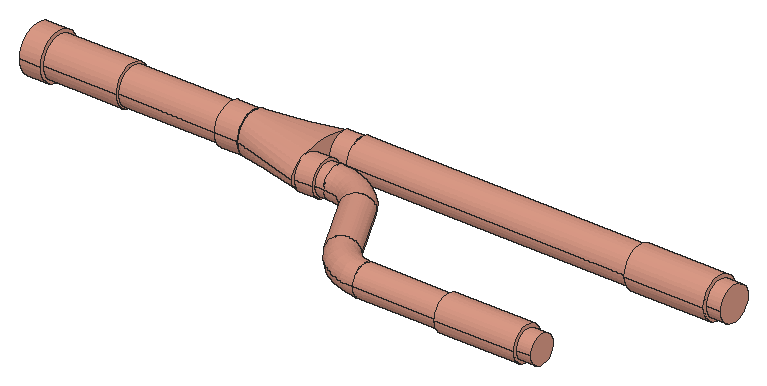
Revit family "outputfile", category 配管付属品, Revit 2024
Family settings
  丸型コネクタ寸法 = 半径を使用
  パーツ タイプ = 標準
  OmniClass 番号 = 23.65.55.00
  OmniClass タイトル = Distribution of Supplied Liquids/Gases
  作業面ベース = いいえ
  常に垂直 = はい
  ロード時にボイドで切り取り = いいえ
  共有 = いいえ
Parameters (values of type "BHRP26A33TA")
  製造元 = "Daikin"
  書き出し IFC クラス(タイプ) = "IfcPipeFittingType"
  既定の高さ = 0.0 mm
  定義済み IFC タイプ(タイプ) = "JUNCTION"
  モデル = "BHRP26A33TA"
  table_StraightPipe [instance] = if(mm⇔inch, "Refnet Joint_BHRP26A-TA_Gas_StraightPipe", "Refnet Joint_BHRP26A-TA_Gas_StraightPipe_inch")  # "Refnet Joint_BHRP26A-TA_Gas_StraightPipe"
  table_BranchPipe [instance] = if(mm⇔inch, "Refnet Joint_BHRP26A-TA_Gas_BranchPipe", "Refnet Joint_BHRP26A-TA_Gas_BranchPipe_inch")  # "Refnet Joint_BHRP26A-TA_Gas_BranchPipe"
  table_Inlet [instance] = if(mm⇔inch, "Refnet Joint_BHRP26A-TA_Gas_Inlet", "Refnet Joint_BHRP26A-TA_Gas_Inlet_inch")  # "Refnet Joint_BHRP26A-TA_Gas_Inlet"
  switch_StraightPipe_Reducer [instance] = if(Is_StraightPipe Reducer = 1, 1 = 1, 1 = 0)  # no
  switch_StraightPipe3 [instance] = if(number_StraightPipe = 3, 1 = 1, 1 = 0)  # no
  switch_StraightPipe2 [instance] = if(number_StraightPipe < 2, 1 = 0, 1 = 1)  # yes
  switch_BranchPipe_Reducer [instance] = if(Is_BranchPipe Reducer = 1, 1 = 1, 1 = 0)  # no
  switch_BranchPipe3 [instance] = if(number_BranchPipe = 3, 1 = 1, 1 = 0)  # no
  switch_BranchPipe2 [instance] = if(number_BranchPipe < 2, 1 = 0, 1 = 1)  # yes
  switch_Inlet pipe_Reducer [instance] = if(Is_Inlet Reducer = 1, 1 = 1, 1 = 0)  # no
  switch_Inlet pipe3 [instance] = if(number_InletPipe = 3, 1 = 1, 1 = 0)  # no
  switch_Inlet pipe2 [instance] = if(number_InletPipe < 2, 1 = 0, 1 = 1)  # yes
  mm⇔inch [instance] = yes
  l_OutletPipeSize [instance] = size_lookup(table_Inlet, "L_OutletPipeSize", 10.0 mm, モデル)  # 10.0 mm
  Uniclass2015Version = "Products v1.31"
  Uniclass2015Title = "Copper pipe fittings"
  Uniclass2015Code = "Pr_65_52_63_18"
  StraightPipe_Gas_ActualDiameter [instance] = 15.9 mm
  Material_Piping = DAIKIN_Copper_Pipe
  Material_Insulation = DAIKIN_White_Insulation
  lw_Insulation [instance] = size_lookup(table_Inlet, "lw_Insulation", 59.9 mm, モデル)  # 59.7 mm
  Unit Type = "BHRP26A-TA_Gas"
  Tag No. [instance] = ""
  StraightPipe_Gas_Status [instance] = size_lookup(table_StraightPipe, "Information", "The connected pipe size is not available.", モデル, StraightPipe_Gas_ActualDiameter)  # "Default connector size is used."
  Link_Nested Family [instance] = ""
  Inlet_Gas_Actual Diameter [instance] = 22.2 mm
  IfcVersion = ""
  IfcExportType = "JUNCTION"
  IfcExportAs = "IfcPipeFittingType"
  BranchPipe_Gas_Status [instance] = size_lookup(table_BranchPipe, "Information", "The connected pipe size is not available.", モデル, BranchPipe_Gas_ActualDiameter)  # "Default connector size is used."
  Inlet_Gas_Status [instance] = size_lookup(table_Inlet, "Information", "The connected pipe size is not available.", モデル, Inlet_Gas_Actual Diameter)  # "Default connector size is used."
  Series = "Refnet Joint"
  O.R_dividePipe_Inlet [instance] = (I.D_InletPipe1 + 2.0 mm) / 2  # 10.55 mm
  r_StraightPipe_Connector [instance] = StraightPipe_Gas_ActualDiameter / 2  # 7.95 mm
  r_BranchPipe_Connector [instance] = BranchPipe_Gas_ActualDiameter / 2  # 6.35 mm
  r_Inlet_Connector [instance] = Inlet_Gas_Actual Diameter / 2  # 11.1 mm
  number_StraightPipe [instance] = size_lookup(table_StraightPipe, "pipeNumber", 2, モデル, StraightPipe_Gas_ActualDiameter)  # 2
  number_BranchPipe [instance] = size_lookup(table_BranchPipe, "pipeNumber", 2, モデル, BranchPipe_Gas_ActualDiameter)  # 2
  number_InletPipe [instance] = size_lookup(table_Inlet, "pipeNumber", 3, モデル, Inlet_Gas_Actual Diameter)  # 2
  r_BranchPipeR [instance] = size_lookup(table_BranchPipe, "r_offsetPipeR", 25.0 mm, モデル, BranchPipe_Gas_ActualDiameter)  # 25.0 mm
  l_BranchPipe_Straight2 [instance] = size_lookup(table_BranchPipe, "L_offsetPipe2", 44.0 mm, モデル)  # 44.0 mm
  l_BranchPipe_Straight1 [instance] = size_lookup(table_BranchPipe, "L_offsetPipe1", 5.0 mm, モデル)  # 5.0 mm
  l_BranchPipe connector [instance] = size_lookup(table_BranchPipe, "Length", 170.0 mm, モデル, BranchPipe_Gas_ActualDiameter)  # 170.0 mm
  l_inlet connector [instance] = size_lookup(table_Inlet, "Length", 130.0 mm, モデル, Inlet_Gas_Actual Diameter)  # 114.0 mm
  l_dividePipe [instance] = size_lookup(table_Inlet, "L_devidePipe", 38.0 mm, モデル)  # 38.0 mm
  l_StraightPipeReducer [instance] = size_lookup(table_StraightPipe, "L_Reducer", 80.0 mm, モデル, StraightPipe_Gas_ActualDiameter)  # 100.0 mm
  l_StraightPipe3 [instance] = size_lookup(table_StraightPipe, "L_Pipe3", 2.0 mm, モデル)  # 2.0 mm
  l_StraightPipe2 [instance] = size_lookup(table_StraightPipe, "L_Pipe2", 9.0 mm, モデル)  # 8.0 mm
  l_StraightPipe1 [instance] = size_lookup(table_StraightPipe, "L_Pipe1", 40.0 mm, モデル)  # 42.0 mm
  l_StraightPipe0 [instance] = size_lookup(table_StraightPipe, "L_Pipe0", 153.0 mm, モデル)  # 148.0 mm
  l_StraightPipe connector [instance] = size_lookup(table_StraightPipe, "Length", 212.0 mm, モデル, StraightPipe_Gas_ActualDiameter)  # 208.0 mm
  l_BranchPipe Reducer [instance] = size_lookup(table_BranchPipe, "L_Reducer", 80.0 mm, モデル, BranchPipe_Gas_ActualDiameter)  # 80.0 mm
  l_BranchPipe3 [instance] = size_lookup(table_BranchPipe, "L_Pipe3", 2.0 mm, モデル)  # 2.0 mm
  l_BranchPipe2 [instance] = size_lookup(table_BranchPipe, "L_Pipe2", 9.0 mm, モデル)  # 8.0 mm
  l_BranchPipe1 [instance] = size_lookup(table_BranchPipe, "L_Pipe1", 40.0 mm, モデル)  # 42.0 mm
  l_BranchPipe0 [instance] = size_lookup(table_BranchPipe, "L_Pipe0", 111.0 mm, モデル)  # 110.0 mm
  l_InletReducer [instance] = size_lookup(table_Inlet, "L_Reducer", 100.0 mm, モデル, Inlet_Gas_Actual Diameter)  # 100.0 mm
  l_InletPipe3 [instance] = size_lookup(table_Inlet, "L_Pipe3", 9.0 mm, モデル)  # 2.0 mm
  l_InletPipe2 [instance] = size_lookup(table_Inlet, "L_Pipe2", 42.0 mm, モデル)  # 11.0 mm
  l_InletPipe1 [instance] = size_lookup(table_Inlet, "L_Pipe1", 38.0 mm, モデル)  # 39.0 mm
  l_InletPipe0 [instance] = size_lookup(table_Inlet, "L_Pipe0", 29.0 mm, モデル)  # 52.0 mm
  center_StraightPipe [instance] = size_lookup(table_StraightPipe, "center_Pipe", 11.5 mm, モデル)  # 11.5 mm
  center_BranchPipe2 [instance] = size_lookup(table_BranchPipe, "center_OffsetPipe", 68.5 mm, モデル)  # 68.5 mm
  center_BranchPipe1 [instance] = size_lookup(table_BranchPipe, "center_Pipe", 11.5 mm, モデル)  # 11.5 mm
  StraightPipe_Gas_AvailableDiameter [instance] = size_lookup(table_StraightPipe, "sizeVariation", "", モデル)  # "15.9/19.1/22.2mm"
  BranchPipe_Gas_AvailableDiameter [instance] = size_lookup(table_BranchPipe, "sizeVariation", "", モデル)  # "12.7/15.9/19.1mm"
  Inlet_Gas_Available Diameter [instance] = size_lookup(table_Inlet, "sizeVariation", "", モデル)  # "19.1/22.2mm"
  O.D_StraightPipe Reducer [instance] = size_lookup(table_StraightPipe, "O.D_reducer", 2.0 mm, モデル, StraightPipe_Gas_ActualDiameter)  # 2.0 mm
  O.D_Offset Outlet Reducer [instance] = size_lookup(table_BranchPipe, "O.D_reducer", 2.0 mm, モデル, BranchPipe_Gas_ActualDiameter)  # 2.0 mm
  O.D_Inlet Reducer [instance] = size_lookup(table_Inlet, "O.D_reducer", 2.0 mm, モデル, Inlet_Gas_Actual Diameter)  # 2.0 mm
  Is_StraightPipe Reducer [instance] = size_lookup(table_StraightPipe, "IsReducer", 0, モデル, StraightPipe_Gas_ActualDiameter)  # 0
  Is_BranchPipe Reducer [instance] = size_lookup(table_BranchPipe, "IsReducer", 0, モデル, BranchPipe_Gas_ActualDiameter)  # 0
  Is_Inlet Reducer [instance] = size_lookup(table_Inlet, "IsReducer", 0, モデル, Inlet_Gas_Actual Diameter)  # 0
  BranchPipe_Gas_ActualDiameter [instance] = 12.7 mm
  Attach_Insulation [instance] = no
  I.D_StraightPipe3 [instance] = size_lookup(table_StraightPipe, "I.D_PipeSize3", 2.0 mm, モデル)  # 2.0 mm
  I.D_StraightPipe2 [instance] = size_lookup(table_StraightPipe, "I.D_PipeSize2", 12.7 mm, モデル)  # 15.9 mm
  I.D_StraightPipe1 [instance] = size_lookup(table_StraightPipe, "I.D_PipeSize1", 15.9 mm, モデル)  # 19.1 mm
  I.D_StraightPipe0 [instance] = size_lookup(table_StraightPipe, "I.D_PipeSize0", 13.9 mm, モデル)  # 17.1 mm
  I.D_BranchPipe3 [instance] = size_lookup(table_BranchPipe, "I.D_PipeSize3", 2.0 mm, モデル)  # 2.0 mm
  I.D_BranchPipe2 [instance] = size_lookup(table_BranchPipe, "I.D_PipeSize2", 12.7 mm, モデル)  # 12.7 mm
  I.D_BranchPipe1 [instance] = size_lookup(table_BranchPipe, "I.D_PipeSize1", 15.9 mm, モデル)  # 15.9 mm
  I.D_BranchPipe0 [instance] = size_lookup(table_BranchPipe, "I.D_PipeSize0", 13.9 mm, モデル)  # 13.9 mm
  I.D_Straight Reducer [instance] = size_lookup(table_StraightPipe, "I.D_reducer", 2.0 mm, モデル, StraightPipe_Gas_ActualDiameter)  # 2.0 mm
  I.D_OutletPipe [instance] = size_lookup(table_Inlet, "I.D_OutletPipeSize", 16.0 mm, モデル, Inlet_Gas_Actual Diameter)  # 16.0 mm
  I.D_Branch Reducer [instance] = size_lookup(table_BranchPipe, "I.D_reducer", 2.0 mm, モデル, BranchPipe_Gas_ActualDiameter)  # 2.0 mm
  I.D_Inlet Reducer [instance] = size_lookup(table_Inlet, "I.D_reducer", 2.0 mm, モデル, Inlet_Gas_Actual Diameter)  # 2.0 mm
  I.D_InletPipe3 [instance] = size_lookup(table_Inlet, "I.D_PipeSize3", 12.7 mm, モデル)  # 2.0 mm
  I.D_InletPipe2 [instance] = size_lookup(table_Inlet, "I.D_PipeSize2", 15.9 mm, モデル)  # 22.2 mm
  I.D_InletPipe1 [instance] = size_lookup(table_Inlet, "I.D_PipeSize1", 19.1 mm, モデル)  # 19.1 mm
  I.D_InletPipe0 [instance] = size_lookup(table_Inlet, "I.D_PipeSize0", 17.1 mm, モデル)  # 17.1 mm
Reference planes
  plane 1 "Center (Front/Back)": y = 0
  plane 2: z = 0
  plane 3 "base_left": x = 0
  plane 4: x = 2
  plane 5: x = 13
  plane 6: x = 52
  plane 7: x = 104
  plane 8: x = 116
  plane 9: x = 154
  plane 10: x = 164
  plane 11 "center_straight outlet": y = 11.5
  plane 12 "center2_offset outlet": y = -68.5
  plane 13 "center1_offset outlet": y = -11.5
  plane 14: x = 312
  plane 15: x = 354
  plane 16: x = 362
  plane 17: x = 274
  plane 18: x = 316
  plane 19: x = 324
  plane 20: x = 364
  plane 21: x = 326
  plane 22 "Reducer_straightoutlet": x = 324
  plane 23: x = 362
  plane 24: y = -22.05
  plane 25: z = 10.55
  plane 26 "Inlet_connector": x = 2
  plane 27 "Left_Insulation": x = 56.3
Forms (mm)
  SweptBlend 1, solid, material "DAIKIN_Copper_Pipe" <- "Material_Piping"
    path origin (0, 0, 0) x (1, 0, 0) y (0, 1, 0)
      loop
        line (116, 0) -> (154, 0)
    profile origin (116, 0, 0) x (0, 1, 0) y (0, 0, 1)
      loop
        circle (0, 0) r 10.55
    end profile origin (154, 0, 0) x (0, 1, 0) y (0, 0, 1)
      loop
        spline (-22.05, 0) -> (-21.299, -2.731) -> (-19.096, -5.275) -> (-15.592, -7.46) -> (-11.025, -9.137) -> (-5.707, -10.191) -> (0, -10.55) -> (5.707, -10.191) -> (11.025, -9.137) -> (15.592, -7.46) -> (19.096, -5.275) -> (21.299, -2.731) -> (22.05, 0)
        spline (22.05, 0) -> (21.299, 2.731) -> (19.096, 5.275) -> (15.592, 7.46) -> (11.025, 9.137) -> (5.707, 10.191) -> (0, 10.55) -> (-5.707, 10.191) -> (-11.025, 9.137) -> (-15.592, 7.46) -> (-19.096, 5.275) -> (-21.299, 2.731) -> (-22.05, 0)
Dimensions and locks
  "l_InletPipe3": plane 3 "base_left" to plane 4
  "l_InletPipe2": plane 4 to plane 5
  "l_InletPipe1": plane 5 to plane 6
  "l_InletPipe0": plane 6 to plane 7
  plane 7 to plane 8 = 12.0 mm
  "center_StraightPipe": plane 1 "Center (Front/Back)" to plane 11 "center_straight outlet"
  "center_BranchPipe2": plane 12 "center2_offset outlet" to plane 1 "Center (Front/Back)"
  "center_BranchPipe1": plane 13 "center1_offset outlet" to plane 1 "Center (Front/Back)"
  "l_dividePipe": plane 8 to plane 9
  "l_OutletPipeSize": plane 9 to plane 10
  "l_StraightPipe0": plane 10 to plane 14
  "l_BranchPipe0": plane 10 to plane 17
  "l_BranchPipe1": plane 17 to plane 18
  "l_BranchPipe2": plane 18 to plane 19
  "l_StraightPipe1": plane 14 to plane 15
  "l_StraightPipe2": plane 15 to plane 16
  "l_StraightPipe3": plane 16 to plane 20
  "l_BranchPipe3": plane 19 to plane 21
  "l_BranchPipe connector": plane 9 to plane 22 "Reducer_straightoutlet"
  "l_StraightPipe connector": plane 9 to plane 23
  "O.R_dividePipe_Inlet": plane 24 to plane 13 "center1_offset outlet"
  "O.R_dividePipe_Inlet": plane 25 to plane 2
  "l_inlet connector": plane 26 "Inlet_connector" to plane 8
  "lw_Insulation": plane 27 "Left_Insulation" to plane 8
  "O.R_dividePipe_Inlet": radius of SweptBlend 1 sketch curve
  aligned and locked: level to plane 2
  aligned and locked: plane 2 to nested 1
  aligned and locked: plane 3 "base_left" to nested 1
  aligned and locked: plane 1 "Center (Front/Back)" to nested 1
  aligned and locked: plane 4 to nested 2
  aligned and locked: plane 1 "Center (Front/Back)" to nested 2
  aligned and locked: plane 5 to nested 2
  aligned and locked: plane 5 to nested 3
  aligned and locked: plane 6 to nested 3
  aligned and locked: plane 6 to nested 4
  aligned and locked: nested 4 to plane 7
  aligned and locked: nested 5 to plane 7
  aligned and locked: nested 5 to plane 8
  aligned and locked: plane 8 to SweptBlend 1 sketch curve
  aligned and locked: plane 9 to SweptBlend 1 sketch curve
  aligned and locked: plane 2 to SweptBlend 1 sketch curve  (x2)
  aligned and locked: plane 1 "Center (Front/Back)" to SweptBlend 1 sketch curve  (x2)
  aligned and locked: nested 6 to plane 9
  aligned and locked: nested 7 to plane 9
  aligned and locked: nested 6 to plane 11 "center_straight outlet"
  aligned and locked: nested 7 to plane 13 "center1_offset outlet"
  aligned and locked: nested 7 to plane 10
  aligned and locked: nested 6 to plane 10
  aligned and locked: nested 8 to plane 10
  aligned and locked: plane 14 to nested 8
  aligned and locked: nested 8 to plane 11 "center_straight outlet"
  aligned and locked: plane 14 to nested 9
  aligned and locked: nested 9 to plane 11 "center_straight outlet"
  aligned and locked: plane 15 to nested 9
  aligned and locked: nested 10 to plane 11 "center_straight outlet"
  aligned and locked: plane 15 to nested 10
  aligned and locked: plane 16 to nested 10
  aligned and locked: nested 11 to plane 12 "center2_offset outlet"
  aligned and locked: plane 17 to nested 11
  aligned and locked: plane 18 to nested 11
  aligned and locked: nested 12 to plane 12 "center2_offset outlet"
  aligned and locked: plane 18 to nested 12
  aligned and locked: plane 19 to nested 12
  aligned and locked: nested 13 to plane 10
  aligned and locked: nested 13 to plane 13 "center1_offset outlet"
  aligned and locked: nested 13 to plane 12 "center2_offset outlet"
  aligned and locked: plane 8 to nested 14
  aligned and locked: plane 1 "Center (Front/Back)" to nested 14
  aligned and locked: plane 11 "center_straight outlet" to nested 15
  aligned and locked: nested 15 to plane 9
  aligned and locked: nested 16 to plane 9
  aligned and locked: plane 12 "center2_offset outlet" to nested 16
  aligned and locked: nested 17 to plane 1 "Center (Front/Back)"
  aligned and locked: plane 16 to nested 18
  aligned and locked: plane 20 to nested 18
  aligned and locked: plane 19 to nested 19
  aligned and locked: plane 21 to nested 19
  aligned and locked: nested 20 to plane 12 "center2_offset outlet"
  aligned and locked: plane 23 to nested 21
  aligned and locked: nested 21 to plane 11 "center_straight outlet"
  aligned and locked: plane 4 to nested 1
  aligned and locked: plane 24 to SweptBlend 1 sketch curve
  aligned and locked: plane 25 to SweptBlend 1 sketch curve
  aligned and locked: nested 19 to plane 12 "center2_offset outlet"
  aligned and locked: nested 18 to plane 11 "center_straight outlet"
  aligned and locked: nested 17 to plane 26 "Inlet_connector"
  aligned and locked: plane 22 "Reducer_straightoutlet" to nested 20
  aligned and locked: plane 27 "Left_Insulation" to nested 22
  aligned and locked: plane 1 "Center (Front/Back)" to nested 22
Automatic sketch dimensions
  plane 1 "Center (Front/Back)" to SweptBlend 1 sketch curve = 0.0 mm
Nested families
  nested 1: "daikin_Pipe" at (1, 0, 0), I.D_Pipe <- "I.D_InletPipe3", display <- "switch_Inlet pipe3", type "*"
    with length_Pipe 2.0 mm, display no, O.D_Pipe 4.0 mm, I.D_Pipe 2.0 mm
  nested 2: "daikin_Pipe" at (7.5, 0, 0), I.D_Pipe <- "I.D_InletPipe2", display <- "switch_Inlet pipe2", type "*"
    with length_Pipe 11.0 mm, display yes, O.D_Pipe 24.2 mm, I.D_Pipe 22.2 mm
  nested 3: "daikin_Pipe" at (32.5, 0, 0), I.D_Pipe <- "I.D_InletPipe1", type "*"
    with length_Pipe 39.0 mm, display yes, O.D_Pipe 21.1 mm, I.D_Pipe 19.1 mm
  nested 4: "daikin_Pipe" at (78, 0, 0), I.D_Pipe <- "I.D_InletPipe0", type "*"
    with length_Pipe 52.0 mm, display yes, O.D_Pipe 19.1 mm, I.D_Pipe 17.1 mm
  nested 5: "daikin_Pipe" at (110, 0, 0), I.D_Pipe <- "I.D_InletPipe1", type "*"
    with length_Pipe 12.0 mm, display yes, O.D_Pipe 21.1 mm, I.D_Pipe 19.1 mm
  nested 6: "daikin_Pipe" at (159, 11.5, 0), I.D_Pipe <- "I.D_OutletPipe", type "*"
    with length_Pipe 10.0 mm, display yes, O.D_Pipe 18.0 mm, I.D_Pipe 16.0 mm
  nested 7: "daikin_Pipe" at (159, -11.5, 0), I.D_Pipe <- "I.D_OutletPipe", type "*"
    with length_Pipe 10.0 mm, display yes, O.D_Pipe 18.0 mm, I.D_Pipe 16.0 mm
  nested 8: "daikin_Pipe" at (238, 11.5, 0), I.D_Pipe <- "I.D_StraightPipe0", type "*"
    with length_Pipe 148.0 mm, display yes, O.D_Pipe 19.1 mm, I.D_Pipe 17.1 mm
  nested 9: "daikin_Pipe" at (333, 11.5, 0), I.D_Pipe <- "I.D_StraightPipe1", type "*"
    with length_Pipe 42.0 mm, display yes, O.D_Pipe 21.1 mm, I.D_Pipe 19.1 mm
  nested 10: "daikin_Pipe" at (358, 11.5, 0), I.D_Pipe <- "I.D_StraightPipe2", display <- "switch_StraightPipe2", type "*"
    with length_Pipe 8.0 mm, display yes, O.D_Pipe 17.9 mm, I.D_Pipe 15.9 mm
  nested 11: "daikin_Pipe" at (295, -68.5, 0), I.D_Pipe <- "I.D_BranchPipe1", type "*"
    with length_Pipe 42.0 mm, display yes, O.D_Pipe 17.9 mm, I.D_Pipe 15.9 mm
  nested 12: "daikin_Pipe" at (320, -68.5, 0), I.D_Pipe <- "I.D_BranchPipe2", display <- "switch_BranchPipe2", type "*"
    with length_Pipe 8.0 mm, display yes, O.D_Pipe 14.7 mm, I.D_Pipe 12.7 mm
  nested 13: "daikin_Pipe Ofsset" at (164, -11.5, 0), I.D_Pipe size <- "I.D_BranchPipe0", length_straight pipe1 <- "l_BranchPipe_Straight1", length_straight pipe2 <- "l_BranchPipe_Straight2", r_Pipe R <- "r_BranchPipeR", length_Pipe <- "l_BranchPipe0", type "*"
    with r_Pipe R 25.0 mm, length_straight pipe2 44.0 mm, length_straight pipe1 5.0 mm, length_offset center 57.0 mm, length_Pipe 110.0 mm, O.D_Pipe size 15.9 mm, I.D_Pipe size 13.9 mm
  nested 14: "daikin_connector_rotate2" at (116, 0, 0) x (0, -1, 0) z (0, 0, 1), length <- "l_inlet connector", type "daikin_connector_rotate2"
    with radius 5.0 mm, length 114.0 mm, angle_vertical 90.00°, locaton_mark no
  nested 15: "daikin_connector_rotate2" at (154, 11.5, 0) x (0, 1, 0) z (0, 0, 1), length <- "l_StraightPipe connector", type "daikin_connector_rotate2"
    with radius 5.0 mm, length 208.0 mm, angle_vertical 90.00°, locaton_mark no
  nested 16: "daikin_connector_rotate2" at (154, -68.5, 0) x (0, 1, 0) z (0, 0, 1), length <- "l_BranchPipe connector", type "daikin_connector_rotate2"
    with radius 5.0 mm, length 170.0 mm, angle_vertical 90.00°, locaton_mark no
  nested 17: "daikin_Pipe_reducer" at (52, 0, 0) x (-1, 0, 0) z (0, 0, 1), display <- "switch_Inlet pipe_Reducer", length_Pipe <- "l_InletReducer", I.D_Pipe1 <- "I.D_Inlet Reducer", O.D_Pipe2 <- "O.D_Inlet Reducer", type "*"
    with length_Pipe 100.0 mm, display no, O.D_Pipe2 2.0 mm, O.D_Pipe1 4.0 mm, I.D_Pipe2 0.0 mm, I.D_Pipe1 2.0 mm
  nested 18: "daikin_Pipe" at (363, 11.5, 0), I.D_Pipe <- "I.D_StraightPipe3", display <- "switch_StraightPipe3", type "*"
    with length_Pipe 2.0 mm, display no, O.D_Pipe 4.0 mm, I.D_Pipe 2.0 mm
  nested 19: "daikin_Pipe" at (325, -68.5, 0), I.D_Pipe <- "I.D_BranchPipe3", display <- "switch_BranchPipe3", type "*"
    with length_Pipe 2.0 mm, display no, O.D_Pipe 4.0 mm, I.D_Pipe 2.0 mm
  nested 20: "daikin_Pipe_reducer" at (284, -68.5, 0), I.D_Pipe1 <- "I.D_Branch Reducer", O.D_Pipe2 <- "O.D_Offset Outlet Reducer", length_Pipe <- "l_BranchPipe Reducer", display <- "switch_BranchPipe_Reducer", type "*"
    with length_Pipe 80.0 mm, display no, O.D_Pipe2 2.0 mm, O.D_Pipe1 4.0 mm, I.D_Pipe2 0.0 mm, I.D_Pipe1 2.0 mm
  nested 21: "daikin_Pipe_reducer" at (312, 11.5, 0), I.D_Pipe1 <- "I.D_Straight Reducer", O.D_Pipe2 <- "O.D_StraightPipe Reducer", length_Pipe <- "l_StraightPipeReducer", display <- "switch_StraightPipe_Reducer", type "*"
    with length_Pipe 100.0 mm, display no, O.D_Pipe2 2.0 mm, O.D_Pipe1 4.0 mm, I.D_Pipe2 0.0 mm, I.D_Pipe1 2.0 mm
  nested 22: "daikin_Insulation_RefnetJoint" at (56.3, 0, 0), I.D_Outlet PipeSize <- "I.D_OutletPipe", type "*"
    with h 48.0 mm, I.D_Outlet PipeSize 16.0 mm, h_Insulation 203.2 mm, d_Insulation3_3 69.5 mm, d_Insulation2_2 39.5 mm, d_Insulation1_1 27.5 mm, w_Insulation4 65.6 mm, w_Insulation3 38.9 mm, w_Insulation2 75.0 mm, w_Insulation1 35.0 mm, d_Insulation2 39.5 mm, d_Insulation1 27.5 mm
Connectors
  piping at (2, 0, 0), diameter 22.2, driven by "r_Inlet_Connector"
    settings: on nested 14, index 1, connector inside diameter 609.6 mm, connector length 0.0 mm, flow factor 0, pipe flow 0.00 m³/h, pressure drop 0.0 Pa, fitting loss kfactor 0, connector angle 0.00°, fixture units 0, engagement length 0.0 mm, angle of deflection 0.00°, flow configuration 0, flow direction 2, fitting loss method 0, system type 29, joint type 0, gender type 0, connector reference index -1, connector utility 0, adjustable connector no, is connector primary yes, connector description "Refnet Joint_Inlet_Gas"
  piping at (324, -68.5, 0), diameter 12.7, driven by "r_BranchPipe_Connector"
    settings: on nested 16, index 2, connector inside diameter 609.6 mm, connector length 0.0 mm, flow factor 0, pipe flow 0.00 m³/h, pressure drop 0.0 Pa, fitting loss kfactor 0, connector angle 0.00°, fixture units 0, engagement length 0.0 mm, angle of deflection 0.00°, flow configuration 0, flow direction 1, fitting loss method 0, system type 29, joint type 0, gender type 0, connector reference index -1, connector utility 0, adjustable connector no, is connector primary no, connector description "Refnet Joint_Outlet Branch_Gas"
  piping at (362, 11.5, 0), diameter 15.9, driven by "r_StraightPipe_Connector"
    settings: on nested 15, index 3, connector inside diameter 609.6 mm, connector length 0.0 mm, flow factor 0, pipe flow 0.00 m³/h, pressure drop 0.0 Pa, fitting loss kfactor 0, connector angle 0.00°, fixture units 0, engagement length 0.0 mm, angle of deflection 0.00°, flow configuration 0, flow direction 1, fitting loss method 0, system type 29, joint type 0, gender type 0, connector reference index -1, connector utility 0, adjustable connector no, is connector primary no, connector description "Refnet Joint_Outlet Straight_Gas"
Definition of nested family "daikin_Pipe"
  Parameters (values of type "*")
    Default Elevation = 0.0 mm
    material = none
    length_Pipe [instance] = 150.0 mm
    display [instance] = yes
    O.D_Pipe [instance] = I.D_Pipe + 2.0 mm  # 27.0 mm
    I.D_Pipe [instance] = 25.0 mm
  Reference planes
    plane 1 "Center (Front/Back)": y = 0
    plane 2 "center(vertical)": z = 0
    plane 3 "Center (Left/Right)": x = 0
    plane 4 "left": x = -75
    plane 5 "right": x = 75
  Forms (mm)
    Extrusion 1, solid, material <- "material", visible <- "display"
      sketch origin (0, 0, 0) x (0, 1, 0) y (0, 0, 1)
        loop
          circle (0, 0) r 13.5
      from -75 to 75
  Dimensions and locks
    equal spacing: plane 4 "left", plane 3 "Center (Left/Right)", plane 5 "right"
    "length_Pipe": plane 4 "left" to plane 5 "right"
    "O.D_Pipe": diameter of Extrusion 1 sketch curve
    aligned and locked: level to plane 2 "center(vertical)"
    aligned and locked: plane 2 "center(vertical)" to Extrusion 1 sketch curve
    aligned and locked: plane 1 "Center (Front/Back)" to Extrusion 1 sketch curve
    aligned and locked: plane 5 "right" to Extrusion 1
    aligned and locked: Extrusion 1 to plane 4 "left"
Definition of nested family "daikin_Pipe Ofsset"
  Parameters (values of type "*")
    Default Elevation = 0.0 mm
    r_Pipe R [instance] = 40.0 mm
    material = none
    length_straight pipe2 [instance] = 43.0 mm
    length_straight pipe1 [instance] = 5.0 mm
    length_offset center [instance] = 57.0 mm
    length_Pipe [instance] = 110.0 mm
    O.D_Pipe size [instance] = I.D_Pipe size + 2.0 mm  # 12.0 mm
    I.D_Pipe size [instance] = 10.0 mm
  Reference planes
    plane 1 "Center (Front/Back)": y = 0
    plane 2: z = 0
    plane 3 "Center (Left/Right)": x = 0
    plane 4: y = -57
    plane 5: x = 110
    plane 6: x = 67
    plane 7: x = 5
  Forms (mm)
    Sweep 1, solid, material <- "material"
      path origin (0, 0, 0) x (1, 0, 0) y (0, 1, 0)
        loop
          line (0, 0) -> (5, 0)
          arc (5, 0) -> (20.74, -3.227) -> (33.94, -12.387) r 40
          line (33.94, -12.387) -> (38.06, -44.613)
          arc (38.06, -44.613) -> (51.26, -53.773) -> (67, -57) r 40
          line (67, -57) -> (110, -57)
      profile origin (2.5, 0, 0) x (0, 1, 0) y (0, 0, 1)
        loop
          circle (0, 0) r 6
  Dimensions and locks
    "length_offset center": plane 4 to plane 1 "Center (Front/Back)"
    "length_straight pipe1": plane 3 "Center (Left/Right)" to plane 7
    "length_Pipe": plane 3 "Center (Left/Right)" to plane 5
    "length_straight pipe2": plane 6 to plane 5
    "O.D_Pipe size": diameter of Sweep 1 sketch curve
    "r_Pipe R": radius of Sweep 1 sketch curve  (x2)
    aligned and locked: level to plane 2
    aligned and locked: plane 1 "Center (Front/Back)" to Sweep 1 sketch curve
    aligned and locked: profile plane to Sweep 1 sketch curve
    aligned and locked: plane 5 to Sweep 1 sketch curve
    aligned and locked: plane 7 to Sweep 1 sketch curve
    aligned and locked: plane 6 to Sweep 1 sketch curve
  Automatic sketch dimensions
    plane 1 "Center (Front/Back)" to Sweep 1 sketch curve = 0.0 mm
    Sweep 1 sketch curve to plane 3 "Center (Left/Right)" = 0.0 mm
    plane 4 to Sweep 1 sketch curve = 0.0 mm
    plane 1 "Center (Front/Back)" to Sweep 1 sketch curve = 12.387 mm
    Sweep 1 sketch curve to plane 4 = 12.387 mm
Definition of nested family "daikin_connector_rotate2"
  Parameters (values of type "daikin_connector_rotate2")
    show_face = no
    radius [instance] = 10.0 mm
    locaton_mark = yes
    length [instance] = 600.0 mm
    d_surface = 10.0 mm
    angle_vertical [instance] = 90.00°
    Default Elevation = 0.0 mm
  Reference planes
    plane 1 "Center (Front/Back)": y = 0
    plane 2: z = 0
    plane 3 "Center (Left/Right)": x = 0
  Forms (mm)
    Extrusion 1, solid, visible <- "show_face"
      sketch origin (0, -600, 0) x (1, 0, 0) y (0, 0, 1)
        loop
          circle (0, 0) r 10
      from 0 to -10
  Lines and regions (mm)
    reference lines
      curve 1: line (0, 0, 0) -> (0, -600, 0)
    symbolic lines, visible <- "locaton_mark"
      curve 2: circle (0, 0, 0) r 5 normal (0, 0, 1)
    model lines, visible <- "show_face"
      curve 3: line (0, 0, 0) -> (0, -600, 0)
  Dimensions and locks
    "length": curve 1 to curve 1
    "length": curve 3 to curve 3
    "d_surface": Extrusion 1 to Extrusion 1
    "radius": radius of Extrusion 1 sketch curve
    "angle_vertical": angle curve 1 to plane 1 "Center (Front/Back)"
    "angle_vertical": angle curve 3 to plane 1 "Center (Front/Back)"
    aligned and locked: level to plane 2
    aligned and locked: plane 1 "Center (Front/Back)" to curve 1
    aligned and locked: plane 2 to curve 1
    aligned and locked: plane 1 "Center (Front/Back)" to curve 2
    aligned and locked: plane 3 "Center (Left/Right)" to curve 2
    aligned and locked: plane 1 "Center (Front/Back)" to curve 3
    aligned and locked: plane 2 to curve 3
    aligned and locked: Extrusion 1 to Extrusion 1
  Automatic sketch dimensions
    Extrusion 1 sketch curve to level = 0.0 mm
    Extrusion 1 sketch curve to plane 3 "Center (Left/Right)" = 0.0 mm
    radius of curve 2 = 5.0 mm
Definition of nested family "daikin_Pipe_reducer"
  Parameters (values of type "*")
    Default Elevation = 0.0 mm
    material = none
    length_Pipe [instance] = 250.0 mm
    display [instance] = yes
    O.D_Pipe2 [instance] = 19.1 mm
    O.D_Pipe1 [instance] = I.D_Pipe1 + 2.0 mm  # 24.2 mm
    I.D_Pipe2 [instance] = O.D_Pipe2 - 2.0 mm  # 17.1 mm
    I.D_Pipe1 [instance] = 22.2 mm
  Reference planes
    plane 1 "Center (Front/Back)": y = 0
    plane 2 "center(vertical)": z = 0
    plane 3 "Center (Left/Right)": x = 0
    plane 4 "connection": x = -125
    plane 5 "right": x = 113
    plane 6: x = 125
  Forms (mm)
    Extrusion 1, solid, material <- "material", visible <- "display"
      sketch origin (0, 0, 0) x (0, 1, 0) y (0, 0, 1)
        loop
          circle (0, 0) r 9.55
      from -125 to 113
    Extrusion 2, solid, material <- "material", visible <- "display"
      sketch origin (0, 0, 0) x (0, 1, 0) y (0, 0, 1)
        loop
          circle (0, 0) r 12.1
      from 113 to 125
  Dimensions and locks
    locked: plane 5 "right" to plane 6 at 12
    "length_Pipe": plane 4 "connection" to plane 6
    equal spacing: plane 4 "connection", plane 3 "Center (Left/Right)", plane 6
    "O.D_Pipe2": diameter of Extrusion 1 sketch curve
    "O.D_Pipe1": diameter of Extrusion 2 sketch curve
    aligned and locked: level to plane 2 "center(vertical)"
    aligned and locked: plane 2 "center(vertical)" to Extrusion 1 sketch curve
    aligned and locked: plane 1 "Center (Front/Back)" to Extrusion 1 sketch curve
    aligned and locked: plane 5 "right" to Extrusion 1
    aligned and locked: Extrusion 1 to plane 4 "connection"
    aligned and locked: plane 2 "center(vertical)" to Extrusion 2 sketch curve
    aligned and locked: plane 1 "Center (Front/Back)" to Extrusion 2 sketch curve
    aligned and locked: Extrusion 2 to plane 5 "right"
    aligned and locked: plane 6 to Extrusion 2
Definition of nested family "daikin_Insulation_RefnetJoint"
  Parameters (values of type "*")
    r_Insulation = size_lookup(table_Insulation, "r_Insulation", 13.5 mm, Model)  # 13.5 mm
    h_Insulation = size_lookup(table_Insulation, "h_Insulation", 202.5 mm, Model)  # 202.5 mm
    d_Insulation3_3 = size_lookup(table_Insulation, "d_Insulation3_3", 68.0 mm, Model)  # 68.0 mm
    d_Insulation2_2 = size_lookup(table_Insulation, "d_Insulation2_2", 38.0 mm, Model)  # 38.0 mm
    d_Insulation1_1 = size_lookup(table_Insulation, "d_Insulation1_1", 26.5 mm, Model)  # 26.5 mm
    Default Elevation = 0.0 mm
    Model = "KHRP26A22TA"
    w_Insulation5 = size_lookup(table_Insulation, "w_Insulation5", 212.0 mm, Model)  # 212.0 mm
    w_Insulation4 = size_lookup(table_Insulation, "w_Insulation4", 67.0 mm, Model)  # 67.0 mm
    w_Insulation3 = size_lookup(table_Insulation, "w_Insulation3", 34.7 mm, Model)  # 34.7 mm
    w_Insulation2 = size_lookup(table_Insulation, "w_Insulation2", 80.0 mm, Model)  # 80.0 mm
    w_Insulation1 = size_lookup(table_Insulation, "w_Insulation1", 22.0 mm, Model)  # 22.0 mm
    table_Insulation = "Refnet Joint_BHRP26A-TA_Gas_Insulation"  # constant formula
    material = none
    h [instance] = (I.D_Outlet PipeSize + 2.0 mm) + 30.0 mm  # 47.0 mm
    display = no
    d_Insulation3 = size_lookup(table_Insulation, "d_Insulation3", 63.5 mm, Model)  # 63.5 mm
    d_Insulation2 = size_lookup(table_Insulation, "d_Insulation2", 41.0 mm, Model)  # 41.0 mm
    d_Insulation1 = size_lookup(table_Insulation, "d_Insulation1", 29.5 mm, Model)  # 29.5 mm
    I.D_Outlet PipeSize [instance] = 15.0 mm
  Reference planes
    plane 1 "Center (Front/Back)": y = 0
    plane 2: z = 0
    plane 3 "Left": x = 0
    plane 4 "top": z = 23.5
    plane 5 "bottom": z = -23.5
    plane 6: x = 22
    plane 7: x = 80
    plane 8: y = 26.5
    plane 9: y = -29.5
    plane 10: y = 38
    plane 11: y = -41
    plane 12: y = -93.5
    plane 13: x = 212
    plane 14: y = -30
    plane 15: x = 114.7
    plane 16: x = 145
    plane 17: x = 202.5
  Forms (mm)
    Extrusion 1, solid, material <- "material", visible <- "display"
      sketch origin (0, 0, 0) x (1, 0, 0) y (0, 1, 0)
        loop
          line (22, 26.5) -> (0, 26.5) -> (0, -29.5) -> (22, -29.5) -> (80, -41) -> (114.7, -41) -> (145, -93.5) -> (212, -93.5) -> (212, -43.5) -> (202.5, -43.5)
          arc (202.5, -43.5) -> (189, -30) -> (202.5, -16.5) r 13.5
          line (202.5, -16.5) -> (212, -16.5) -> (212, 38) -> (80, 38) -> (22, 26.5)
      from -23.5 to 23.5
  Dimensions and locks
    equal spacing: plane 4 "top", plane 2, plane 5 "bottom"
    "h": plane 4 "top" to plane 5 "bottom"
    "w_Insulation1": plane 3 "Left" to plane 6
    "w_Insulation2": plane 3 "Left" to plane 7
    "w_Insulation5": plane 3 "Left" to plane 13
    "w_Insulation3": plane 7 to plane 15
    "w_Insulation4": plane 16 to plane 13
    "d_Insulation1": plane 1 "Center (Front/Back)" to plane 9
    "d_Insulation1_1": plane 8 to plane 1 "Center (Front/Back)"
    "d_Insulation2": plane 1 "Center (Front/Back)" to plane 11
    "d_Insulation2_2": plane 10 to plane 1 "Center (Front/Back)"
    "d_Insulation3_3": plane 10 to plane 14
    "d_Insulation3": plane 14 to plane 12
    "r_Insulation": Extrusion 1 sketch curve to plane 14
    "r_Insulation": plane 14 to Extrusion 1 sketch curve
    "h_Insulation": plane 3 "Left" to plane 17
    "r_Insulation": radius of Extrusion 1 sketch curve
    aligned and locked: level to plane 2
    aligned and locked: Extrusion 1 to plane 5 "bottom"
    aligned and locked: plane 4 "top" to Extrusion 1
    aligned and locked: plane 6 to Extrusion 1  (x2)
    aligned and locked: plane 7 to Extrusion 1  (x2)
    aligned and locked: plane 6 to Extrusion 1 sketch curve
    aligned and locked: plane 11 to Extrusion 1 sketch curve
    aligned and locked: plane 7 to Extrusion 1 sketch curve  (x2)
    aligned and locked: plane 10 to Extrusion 1 sketch curve
    aligned and locked: Extrusion 1 sketch curve to plane 12
    aligned and locked: Extrusion 1 sketch curve to plane 13  (x2)
    aligned and locked: plane 16 to Extrusion 1 sketch curve
    aligned and locked: plane 15 to Extrusion 1 sketch curve
    aligned and locked: plane 17 to Extrusion 1 sketch curve
  Automatic sketch dimensions
    Extrusion 1 sketch curve to plane 3 "Left" = 0.0 mm
    Extrusion 1 sketch curve to plane 6 = 0.0 mm
    Extrusion 1 sketch curve to plane 9 = 0.0 mm
    Extrusion 1 sketch curve to plane 8 = 0.0 mm
